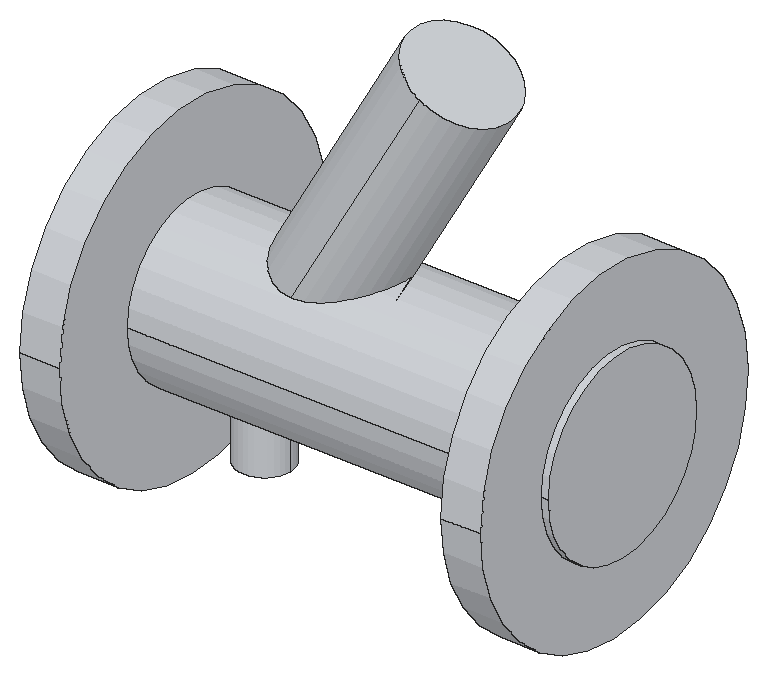
Revit family "HS 821-síto_standard-PN40-DN020-RFA_2019", category Pipe Accessories, Revit 2019
Family settings
  Round Connector Dimension = Use Diameter
  Part Type = Breaks Into
  Work Plane-Based = No
  Always vertical = Yes
  Cut with Voids When Loaded = No
  Shared = No
Parameters (values of type "821F-DN020-PN40-síto_standard")
  magiProductId = "aaac5f1ec96b44d6ba96ac2293d66d"
  magiProductFamilyId = "79214ac3aaa945e397802f559f5c1e"
  magiPartTypeId = 307
  isMeasuringValve [instance] = no
  ang2D [instance] = 0.00°
  ZB__ve = -ZB  # -17.75 mm
  ZB1 = 23.49 mm
  ZB = 17.75 mm
  X2 = 51.673 mm
  X1 = 21 mm
  W2D = 15 mm
  VersionID = "2.0/2017.9.26.1/ZETKAMA_821_001"
  Use Minimum Symbol Size [instance] = yes
  URL = "www.hydronic.cz"
  Type Comments = "Filtr přírubový; síto standardní; A-PN16 (-10~300°C); D-PN25 (-10~350°C); F-PN40 (-10~400°C)"
  S = 58 mm
  QmdConnectorList = "301;D;302;D"
  Productdata [instance] = ""
  Manufacturer = "Hydronic Systems Prague s.r.o."
  MC Product Code = "240 620 (821F; DN020; PN40; kvs11,2; oko síta 1,00mm)"
  LM1 = 12 mm
  LM = 120 mm
  L4 = 37.5 mm
  L2D_Min = 3048 mm
  L2D = 130 mm
  L2 = 75 mm
  HH2 = 89.5 mm
  FD = 105 mm
  Description = "Filtr přírubový; síto standardní; 821A-PN16; 821D-PN25; 821F-PN40"
  DM1 = 33.6 mm
  DM = 52.2 mm
  D = 20 mm
  CC = 2.55 mm
  CAT0 = yes
  C1 = 12.45 mm
  C = 15 mm
  BD = 16.443 mm
Types (40, lengths in mm): name | magiProductId | ZB__ve | ZB1 | ZB | X2 | X1 | S | MC Product Code | LM1 | LM | L4 | L2 | HH2 | FD | DM1 | DM | D | CC | C1 | C | BD
  821A-DN015-PN16-síto_standard | "a71bcfe8b393460598b23e8ddf7dc5" | -16.25 | 18.63 | 16.25 | 46.982 | 18.2 | 46 | "200 115 (821A; DN015; PN16; kvs6,3; oko síta 1,00mm)" | 10.4 | 104 | 32.5 | 65 | 81.375 | 95 | 27.6 | 41.4 | 15 | 2.21 | 10.79 | 13 | 13.041
  821A-DN020-PN16-síto_standard | "41cd6c7a12924f4991217528336076" | -17.75 | 22.68 | 17.75 | 51.673 | 21 | 56 | "200 120 (821A; DN020; PN16; kvs11,2; oko síta 1,00mm)" | 12 | 120 | 37.5 | 75 | 89.5 | 105 | 33.6 | 50.4 | 20 | 2.55 | 12.45 | 15 | 15.876
  821A-DN025-PN16-síto_standard | "be378b463ed14c3abf4c9b3ae8cf3a" | -19.25 | 26.325 | 19.25 | 58.601 | 22.4 | 65 | "200 125 (821A; DN025; PN16; kvs14,7; oko síta 1,00mm)" | 12.8 | 128 | 40 | 80 | 101.5 | 115 | 43.2 | 58.5 | 25 | 2.72 | 13.28 | 16 | 18.427
  821A-DN032-PN16-síto_standard | "227a0d18b21540afabe8b6067d35fa" | -23 | 30.78 | 23 | 68.849 | 25.2 | 76 | "200 132 (821A; DN032; PN16; kvs23,7; oko síta 1,00mm)" | 14.4 | 144 | 45 | 90 | 119.25 | 140 | 50.4 | 68.4 | 32 | 3.06 | 14.94 | 18 | 21.546
  821A-DN040-PN16-síto_standard | "d106917c74724141a10440112d0102" | -24.5 | 34.02 | 24.5 | 75.777 | 28 | 84 | "200 140 (821A; DN040; PN16; kvs37,7; oko síta 1,00mm)" | 16 | 160 | 50 | 100 | 131.25 | 150 | 60 | 75.6 | 40 | 3.4 | 16.6 | 20 | 23.814
  821A-DN050-PN16-síto_standard | "8255d456a09e4f6486734f5dd9171b" | -26.75 | 40.095 | 26.75 | 79.061 | 32.2 | 99 | "200 150 (821A; DN050 PN16; kvs57,9; oko síta 1,00mm)" | 18.4 | 184 | 57.5 | 115 | 136.938 | 165 | 73.8 | 89.1 | 50 | 3.91 | 19.09 | 23 | 28.066
  821A-DN065-PN16-síto_standard | "235b1b3e4c0843779a4d5e3716d40a" | -29.75 | 47.79 | 29.75 | 86.927 | 40.6 | 118 | "200 165 (821A; DN065; PN16; kvs101,5; oko síta 1,25mm)" | 23.2 | 232 | 72.5 | 145 | 150.562 | 185 | 94.2 | 106.2 | 65 | 4.93 | 24.07 | 29 | 33.453
  821A-DN080-PN16-síto_standard | "a067f7c5236348ed8c820d16df7214" | -32 | 53.46 | 32 | 104.753 | 43.4 | 132 | "200 180 (821A; DN080; PN16; kvs147,4; oko síta 1,25mm)" | 24.8 | 248 | 77.5 | 155 | 181.438 | 200 | 107.4 | 118.8 | 80 | 5.27 | 25.73 | 31 | 37.422
  821A-DN100-PN16-síto_standard | "c49a648c2747461285837d643703cd" | -35 | 63.18 | 35 | 114.857 | 49 | 156 | "200 190 (821A; DN100; PN16; kvs209,6; oko síta 1,60mm)" | 28 | 280 | 87.5 | 175 | 198.937 | 220 | 131.4 | 140.4 | 100 | 5.95 | 29.05 | 35 | 44.226
  821A-DN125-PN16-síto_standard | "bf68e728a163493cbd2a663b26ebdc" | -39.5 | 74.52 | 39.5 | 131.888 | 56 | 184 | "200 191 (821A; DN125; PN16; kvs326,2; oko síta 1,60mm)" | 32 | 320 | 100 | 200 | 228.438 | 250 | 165 | 165.6 | 125 | 6.8 | 33.2 | 40 | 52.164
  821A-DN150-PN16-síto_standard | "2de770284b654863ae6bc865769dc5" | -44.75 | 85.455 | 44.75 | 155.885 | 67.2 | 211 | "200 192 (821A; DN150; PN16; kvs403; oko síta 1,60mm)" | 38.4 | 384 | 120 | 240 | 270 | 285 | 192 | 189.9 | 150 | 8.16 | 39.84 | 48 | 59.818
  821A-DN200-PN16-síto_standard | "8e5693371ab64aabb29a7f08c76e15" | -53 | 107.73 | 53 | 188.361 | 84 | 266 | "200 193 (821A; DN200; PN16; kvs707; oko síta 1,60mm)" | 48 | 480 | 150 | 300 | 326.25 | 340 | 252 | 239.4 | 200 | 10.2 | 49.8 | 60 | 75.411
  821A-DN250-PN16-síto_standard | "05e37ed948c34047acdd4c42556504" | -62.75 | 129.195 | 62.75 | 255.911 | 102.2 | 319 | "200 194 (821A; DN250; PN16; kvs1234; oko síta 1,60mm)" | 58.4 | 584 | 182.5 | 365 | 443.25 | 405 | 309.6 | 287.1 | 250 | 12.41 | 60.59 | 73 | 90.436
  821A-DN300-PN16-síto_standard | "9ad0af747269428da925480d83ce80" | -71 | 149.85 | 71 | 325.914 | 119 | 370 | "200 195 (821A; DN300; PN16; kvs1916; oko síta 1,60mm)" | 68 | 680 | 212.5 | 425 | 564.5 | 460 | 369.6 | 333 | 300 | 14.45 | 70.55 | 85 | 104.895
  821A-DN350-PN16-síto_standard | "eebc71459bb3451bb4355e7951370a" | -80 | 173.745 | 80 | 356.875 | 137.2 | 429 | "200 196 (821A; DN350; PN16; kvs2621; oko síta 1,60mm)" | 78.4 | 784 | 245 | 490 | 618.125 | 520 | 438 | 386.1 | 350 | 16.66 | 81.34 | 98 | 121.621
  821A-DN400-PN16-síto_standard | "d2f677cb196647e385b2590e7d8abe" | -89 | 194.4 | 89 | 392.237 | 154 | 480 | "200 197 (821A; DN400; PN16; kvs3460; oko síta 1,60mm)" | 88 | 880 | 275 | 550 | 679.375 | 580 | 498 | 432 | 400 | 18.7 | 91.3 | 110 | 136.08
  821D-DN015-PN25-síto_standard | "27ddcbf555414f8ca1fde329bf9087" | -16.25 | 18.63 | 16.25 | 46.982 | 18.2 | 46 | "200 215 (821D; DN015; PN25; kvs6,3; oko síta 1,00mm)" | 10.4 | 104 | 32.5 | 65 | 81.375 | 95 | 27.6 | 41.4 | 15 | 2.21 | 10.79 | 13 | 13.041
  821D-DN020-PN25-síto_standard | "270e0f14012f47189cd0235c18faee" | -17.75 | 22.68 | 17.75 | 51.673 | 21 | 56 | "200 220 (821D; DN020; PN25; kvs11,2; oko síta 1,00mm)" | 12 | 120 | 37.5 | 75 | 89.5 | 105 | 33.6 | 50.4 | 20 | 2.55 | 12.45 | 15 | 15.876
  821D-DN025-PN25-síto_standard | "b9a7fb4aa36643878c637d8e1ab992" | -19.25 | 26.325 | 19.25 | 58.601 | 22.4 | 65 | "200 225 (821D; DN025; PN25; kvs14,7; oko síta 1,00mm)" | 12.8 | 128 | 40 | 80 | 101.5 | 115 | 43.2 | 58.5 | 25 | 2.72 | 13.28 | 16 | 18.427
  821D-DN032-PN25-síto_standard | "6be9a55c4e68400f94eec7e804204c" | -23 | 30.78 | 23 | 68.849 | 25.2 | 76 | "200 232 (821D; DN032; PN25; kvs23,7; oko síta 1,00mm)" | 14.4 | 144 | 45 | 90 | 119.25 | 140 | 50.4 | 68.4 | 32 | 3.06 | 14.94 | 18 | 21.546
  821D-DN040-PN25-síto_standard | "c54511bd7f584ec2984291479612cb" | -24.5 | 34.02 | 24.5 | 75.777 | 28 | 84 | "200 240 (821D; DN040; PN25; kvs37,7; oko síta 1,00mm)" | 16 | 160 | 50 | 100 | 131.25 | 150 | 60 | 75.6 | 40 | 3.4 | 16.6 | 20 | 23.814
  821D-DN050-PN25-síto_standard | "5483b1f596b04cd39b23a14a22c90e" | -26.75 | 40.095 | 26.75 | 79.061 | 32.2 | 99 | "200 250 (821D; DN050; PN25; kvs57,9; oko síta 1,00mm)" | 18.4 | 184 | 57.5 | 115 | 136.938 | 165 | 73.8 | 89.1 | 50 | 3.91 | 19.09 | 23 | 28.066
  821D-DN065-PN25-síto_standard | "767b0f8318e94750bc7a9930ed5b30" | -29.75 | 47.79 | 29.75 | 86.927 | 40.6 | 118 | "200 265 (821D; DN065; PN25; kvs101,5; oko síta 1,25mm)" | 23.2 | 232 | 72.5 | 145 | 150.562 | 185 | 94.2 | 106.2 | 65 | 4.93 | 24.07 | 29 | 33.453
  821D-DN080-PN25-síto_standard | "e21040fa3cc2404b858198f6b73709" | -32 | 53.46 | 32 | 104.753 | 43.4 | 132 | "200 280 (821D; DN080; PN25; kvs147,4; oko síta 1,25mm)" | 24.8 | 248 | 77.5 | 155 | 181.438 | 200 | 107.4 | 118.8 | 80 | 5.27 | 25.73 | 31 | 37.422
  821D-DN100-PN25-síto_standard | "175ca87a506b40b3bc6b82f12f33cf" | -37.25 | 63.18 | 37.25 | 114.857 | 49 | 156 | "200 290 (821D; DN100; PN25; kvs209,6; oko síta 1,60mm)" | 28 | 280 | 87.5 | 175 | 198.937 | 235 | 131.4 | 140.4 | 100 | 5.95 | 29.05 | 35 | 44.226
  821D-DN125-PN25-síto_standard | "77cc98d60da24855999a22dff726b2" | -42.5 | 74.52 | 42.5 | 131.888 | 56 | 184 | "200 291 (821D; DN125; PN25; kvs326,2; oko síta 1,60mm)" | 32 | 320 | 100 | 200 | 228.438 | 270 | 165 | 165.6 | 125 | 6.8 | 33.2 | 40 | 52.164
  821D-DN150-PN25-síto_standard | "9cf8acfcd15547d68e83172d3abcbe" | -47 | 85.455 | 47 | 155.885 | 67.2 | 211 | "200 292 (821D; DN150; PN25; kvs403; oko síta 1,60mm)" | 38.4 | 384 | 120 | 240 | 270 | 300 | 192 | 189.9 | 150 | 8.16 | 39.84 | 48 | 59.818
  821D-DN200-PN25-síto_standard | "16973f3c9ea14389ba8602495a6b64" | -56 | 110.97 | 56 | 188.361 | 84 | 274 | "200 293 (821D; DN200; PN25; kvs707; oko síta 1,60mm)" | 48 | 480 | 150 | 300 | 326.25 | 360 | 252 | 246.6 | 200 | 10.2 | 49.8 | 60 | 77.679
  821F-DN015-PN40-síto_standard | "4c7eaf3c4c0340888b3e684d8a8616" | -16.25 | 18.225 | 16.25 | 46.982 | 18.2 | 45 | "240 615 (821F; DN015; PN40; kvs6,3; oko síta 1,00mm)" | 10.4 | 104 | 32.5 | 65 | 81.375 | 95 | 27.6 | 40.5 | 15 | 2.21 | 10.79 | 13 | 12.757
  821F-DN020-PN40-síto_standard | "aaac5f1ec96b44d6ba96ac2293d66d" | -17.75 | 23.49 | 17.75 | 51.673 | 21 | 58 | "240 620 (821F; DN020; PN40; kvs11,2; oko síta 1,00mm)" | 12 | 120 | 37.5 | 75 | 89.5 | 105 | 33.6 | 52.2 | 20 | 2.55 | 12.45 | 15 | 16.443
  821F-DN025-PN40-síto_standard | "504768023968471481789485b54c7e" | -19.25 | 27.54 | 19.25 | 58.601 | 22.4 | 68 | "240 625 (821F; DN025; PN40; kvs14,7; oko síta 1,00mm)" | 12.8 | 128 | 40 | 80 | 101.5 | 115 | 43.2 | 61.2 | 25 | 2.72 | 13.28 | 16 | 19.278
  821F-DN032-PN40-síto_standard | "165e7f39cf744f329bdf1c400dad12" | -23 | 31.59 | 23 | 68.849 | 25.2 | 78 | "240 632 (821F; DN032; PN40; kvs23,7; oko síta 1,00mm)" | 14.4 | 144 | 45 | 90 | 119.25 | 140 | 50.4 | 70.2 | 32 | 3.06 | 14.94 | 18 | 22.113
  821F-DN040-PN40-síto_standard | "b8903f952089408fbf3a5a632bab1f" | -24.5 | 35.64 | 24.5 | 75.777 | 28 | 88 | "240 640 (821F; DN040; PN40; kvs37,7; oko síta 1,00mm)" | 16 | 160 | 50 | 100 | 131.25 | 150 | 60 | 79.2 | 40 | 3.4 | 16.6 | 20 | 24.948
  821F-DN050-PN40-síto_standard | "c451f97266fe48da8f879cb6a2bd44" | -26.75 | 41.31 | 26.75 | 79.061 | 32.2 | 102 | "240 650 (821F; DN050; PN40; kvs57,9; oko síta 1,00mm)" | 18.4 | 184 | 57.5 | 115 | 136.938 | 165 | 73.8 | 91.8 | 50 | 3.91 | 19.09 | 23 | 28.917
  821F-DN065-PN40-síto_standard | "dc9821e3f9b34e128f6a8c6b34c198" | -29.75 | 49.41 | 29.75 | 86.927 | 40.6 | 122 | "240 665 (821F; DN065; PN40; kvs101,5; oko síta 1,25mm)" | 23.2 | 232 | 72.5 | 145 | 150.562 | 185 | 94.2 | 109.8 | 65 | 4.93 | 24.07 | 29 | 34.587
  821F-DN080-PN40-síto_standard | "689aa1e260f84cf4994f027a1d86b5" | -32 | 55.89 | 32 | 104.753 | 43.4 | 138 | "240 680 (821F; DN080; PN40; kvs147,4; oko síta 1,25mm)" | 24.8 | 248 | 77.5 | 155 | 181.438 | 200 | 107.4 | 124.2 | 80 | 5.27 | 25.73 | 31 | 39.123
  821F-DN100-PN40-síto_standard | "8a45d4e8e2ab425f8c432f21d684f3" | -37.25 | 65.61 | 37.25 | 114.857 | 49 | 162 | "240 690 (821F; DN100; PN40; kvs209,6; oko síta 1,6mm)" | 28 | 280 | 87.5 | 175 | 198.937 | 235 | 131.4 | 145.8 | 100 | 5.95 | 29.05 | 35 | 45.927
  821F-DN125-PN40-síto_standard | "cf073904c006406b8645afa67ea2fc" | -42.5 | 76.14 | 42.5 | 131.888 | 56 | 188 | "240 691 (821F; DN125; PN40; kvs326,2; oko síta 1,6mm)" | 32 | 320 | 100 | 200 | 228.438 | 270 | 165 | 169.2 | 125 | 6.8 | 33.2 | 40 | 53.298
  821F-DN150-PN40-síto_standard | "0153b9ddabe14992a630484929fdbc" | -47 | 88.29 | 47 | 155.885 | 67.2 | 218 | "240 692 (821F; DN150; PN40; kvs403; oko síta 1,6mm)" | 38.4 | 384 | 120 | 240 | 270 | 300 | 192 | 196.2 | 150 | 8.16 | 39.84 | 48 | 61.803
  821F-DN200-PN40-síto_standard | "7fb3fc01dd8d42428c203e3f8dd4d5" | -56 | 115.425 | 56 | 188.361 | 84 | 285 | "240 693 (821F; DN200; PN40; kvs707; oko síta 1,6mm)" | 48 | 480 | 150 | 300 | 326.25 | 360 | 252 | 256.5 | 200 | 10.2 | 49.8 | 60 | 80.797
Reference planes
  plane 1 "Center (Front/Back)": y = 0
  plane 2 "XYPLANE": z = 0
  plane 3 "Center (Left/Right)": x = 0
  plane 4 "109": x = -48
  plane 5 "108": x = 60
  plane 6 "107": x = -60
  plane 7 "105": x = 75
  plane 8 "104": x = -75
  plane 9 "103": y = 0
  plane 10 "102": z = 0
  plane 11 "101": x = -72.45
  plane 12 "100": x = 72.45
  plane 13 "11": x = -27
  plane 14 "10": z = 89.5
  plane 15 "9": x = 24.673
  plane 16 "5": z = -23.49
  plane 17 "4": x = -37.5
  plane 18 "1": x = 37.5
Forms (mm)
  Extrusion 1, solid, visible <- "CAT0"
    sketch origin (-60, -750, 0) x (0, 1, 0) y (0, 0, 1)
      loop
        circle (750, 0) r 26.1
    from 0 to 120 <- "LM"
  Extrusion 2, solid
    sketch origin (-75, -750, 0) x (0, 1, 0) y (0, 0, 1)
      loop
        circle (750, 0) r 29
    from 0 to 2.55 <- "CC"
  Extrusion 3, solid
    sketch origin (-72.45, -750, 0) x (0, 1, 0) y (0, 0, 1)
      loop
        circle (750, 0) r 52.5
    from 0 to 12.45 <- "C1"
  Extrusion 4, solid
    sketch origin (60, -750, 0) x (0, 1, 0) y (0, 0, 1)
      loop
        circle (750, 0) r 52.5
    from 0 to 12.45 <- "C1"
  Extrusion 5, solid
    sketch origin (72.45, -750, 0) x (0, 1, 0) y (0, 0, 1)
      loop
        circle (750, 0) r 29
    from 0 to 2.55 <- "CC"
  Sweep 6, solid, visible <- "CAT0"
    path origin (750, 0, 0) x (-1, 0, 0) y (0, 0, 1)
      loop
        line (810, 0) -> (777, 0) -> (725.327, 89.5)
    profile origin (-60, 0, 0) x (0, 0, -1) y (0, 1, 0)
      loop
        circle (0, 0) r 16.8
  Extrusion 7, solid, visible <- "CAT0"
    sketch origin (-750, 0, -23.49) x (1, 0, 0) y (0, 1, 0)
      loop
        circle (712.5, 0) r 8.221
    from 0 to -17.75 <- "ZB__ve"
  Extrusion 8, solid, visible <- "CAT0"
    sketch origin (-750, 0, -23.49) x (1, 0, 0) y (0, 1, 0)
      loop
        circle (787.5, 0) r 8.221
    from 0 to -17.75 <- "ZB__ve"
  Extrusion 9, solid, not visible
    sketch origin (75, -750, 0) x (0, 1, 0) y (0, 0, 1)
      loop
        circle (750, 0) r 10
    from 0 to -10
  Extrusion 10, solid, not visible
    sketch origin (-75, -750, 0) x (0, 1, 0) y (0, 0, 1)
      loop
        circle (750, 0) r 10
    from 0 to 10
Lines and regions (mm)
  reference lines, not visible
    curve 1: circle (2, 2, 0) r 1 normal (0, 0, 1)
Dimensions and locks
  plane 1 "Center (Front/Back)" to curve 1 = 2 mm
  "LM1": plane 6 "107" to plane 4 "109"
  "LM": plane 6 "107" to plane 5 "108"
  "C": plane 8 "104" to plane 6 "107"
  "L2": plane 3 "Center (Left/Right)" to plane 7 "105"
  "L2": plane 3 "Center (Left/Right)" to plane 8 "104"
  locked: plane 1 "Center (Front/Back)" to plane 9 "103"
  locked: plane 2 "XYPLANE" to plane 10 "102"
  "CC": plane 8 "104" to plane 11 "101"
  "C1": plane 5 "108" to plane 12 "100"
  "X1": plane 4 "109" to plane 13 "11"
  "HH2": plane 2 "XYPLANE" to plane 14 "10"
  "X2": plane 13 "11" to plane 15 "9"
  "ZB1": plane 2 "XYPLANE" to plane 16 "5"
  "L4": plane 8 "104" to plane 17 "4"
  "L2": plane 17 "4" to plane 18 "1"
  Sweep 6 sketch curve to Sweep 6 sketch curve = 0 mm  (x2)
  "DM": diameter of Extrusion 1 sketch curve
  "S": diameter of Extrusion 2 sketch curve
  "FD": diameter of Extrusion 3 sketch curve
  "FD": diameter of Extrusion 4 sketch curve
  "S": diameter of Extrusion 5 sketch curve
  "DM1": diameter of Sweep 6 sketch curve
  "BD": diameter of Extrusion 7 sketch curve
  "BD": diameter of Extrusion 8 sketch curve
  aligned and locked: level to plane 2 "XYPLANE"
  aligned and locked: Extrusion 1 sketch curve to plane 9 "103"
  aligned and locked: plane 10 "102" to Extrusion 1 sketch curve
  aligned and locked: Extrusion 2 sketch curve to plane 9 "103"
  aligned and locked: plane 10 "102" to Extrusion 2 sketch curve
  aligned and locked: Extrusion 3 sketch curve to plane 9 "103"
  aligned and locked: plane 10 "102" to Extrusion 3 sketch curve
  aligned and locked: Extrusion 4 sketch curve to plane 9 "103"
  aligned and locked: plane 10 "102" to Extrusion 4 sketch curve
  aligned and locked: Extrusion 5 sketch curve to plane 9 "103"
  aligned and locked: plane 10 "102" to Extrusion 5 sketch curve
  aligned and locked: Sweep 6 sketch curve to plane 9 "103"
  aligned and locked: plane 10 "102" to Sweep 6 sketch curve  (x3)
  aligned and locked: plane 6 "107" to Sweep 6 sketch curve
  aligned and locked: plane 13 "11" to Sweep 6 sketch curve
  aligned and locked: plane 14 "10" to Sweep 6 sketch curve
  aligned and locked: plane 15 "9" to Sweep 6 sketch curve
  aligned and locked: plane 9 "103" to Extrusion 7 sketch curve
  aligned and locked: plane 17 "4" to Extrusion 7 sketch curve
  aligned and locked: plane 9 "103" to Extrusion 8 sketch curve
  aligned and locked: plane 18 "1" to Extrusion 8 sketch curve
  aligned and locked: Extrusion 9 sketch curve to plane 9 "103"
  aligned and locked: plane 10 "102" to Extrusion 9 sketch curve
  aligned and locked: Extrusion 10 sketch curve to plane 9 "103"
  aligned and locked: plane 10 "102" to Extrusion 10 sketch curve
Automatic sketch dimensions
  plane 1 "Center (Front/Back)" to Extrusion 9 sketch curve = 10 mm
  plane 1 "Center (Front/Back)" to Extrusion 10 sketch curve = 10 mm
  plane 3 "Center (Left/Right)" to curve 1 = 2 mm
  radius of curve 1 = 1 mm
Connectors
  piping at (-75, 0, 0), diameter 20, driven by "D"
    settings: on Extrusion 10, index 1, connector inside diameter 609.6 mm, connector length 0 mm, flow factor 0, pipe flow 0.0 L/s, pressure drop 0.0 Pa, fitting loss kfactor 0, connector angle 0.00°, fixture units 0, engagement length 0 mm, angle of deflection 0.00°, flow configuration 0, flow direction 0, fitting loss method 0, system type 29, joint type 0, gender type 0, connector reference index 2, connector utility 0, adjustable connector no, is connector primary yes, connector description ""
  piping at (75, 0, 0), diameter 20, driven by "D"
    settings: on Extrusion 9, index 2, connector inside diameter 609.6 mm, connector length 0 mm, flow factor 0, pipe flow 0.0 L/s, pressure drop 0.0 Pa, fitting loss kfactor 0, connector angle 0.00°, fixture units 0, engagement length 0 mm, angle of deflection 0.00°, flow configuration 0, flow direction 0, fitting loss method 0, system type 29, joint type 0, gender type 0, connector reference index 1, connector utility 0, adjustable connector no, is connector primary no, connector description ""
